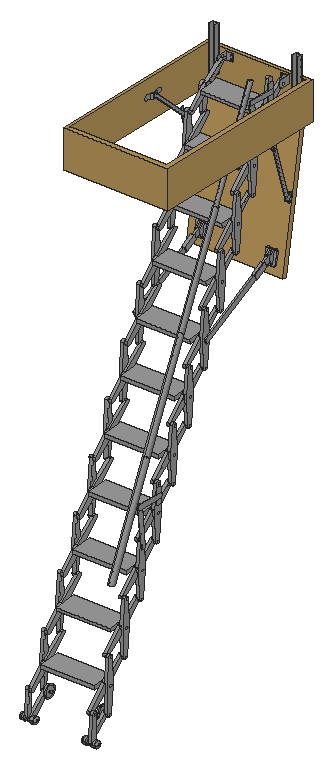
Revit family "schaartrap_Large elec 700x1200 mm", category Generic Models, Revit 2019
Family settings
  Can host rebar = No
  Round Connector Dimension = Use Diameter
  Part Type = Normal
  Work Plane-Based = Yes
  Always vertical = Yes
  Cut with Voids When Loaded = No
  Shared = Yes
  Room Calculation Point = No
Parameters
  schaartrap = gietaluminium
  deksel = hout
  bovenliggende treden = yes
  URL = "https://www.gortergroup.com/nl/producten/ladders-en-trappen/schaartrappen/large.html"
  Model = "Large elec 700x1200mm"  # constant formula
  Default Elevation = 1219.2 mm
Reference planes
  plane 1 "Center (Front/Back)": y = 0
  plane 2: z = 0
  plane 3 "Center (Left/Right)": x = 0
  plane 4: x = 183
  plane 5: x = -183
  plane 6: x = 203
  plane 7: x = 223
  plane 8: x = -203
  plane 9: x = -223
  plane 10: x = -176.5
  plane 11: x = 176.5
  plane 12: z = 3000.001
  plane 13: x = 342.5
  plane 14: x = -342.5
  plane 15: x = 176.5
  plane 16: x = 317.5
  plane 17: x = -317.5
  plane 18: x = 187
  plane 19: z = 3135.001
  plane 20: z = 3165.001
  plane 21: z = 3150.001
  plane 22: y = 1666.757
  plane 23: y = 476.757
  plane 24 "traplijn": through (0, 1385.188, 3125.362) normal (0, -0.9072, 0.4206)
  plane 25 "Center L/S": z = 3250.001
Forms (mm)
  Extrusion 1, solid, material "gietaluminium" <- "schaartrap", not visible
    sketch origin (0, 729.606, 0) x (0, 1, 0) y (0, 0, 1)
      loop
        arc (550.894, 624.877) -> (536.104, 624.358) -> (535.211, 609.585) r 11.002
        line (535.211, 609.585) -> (661.699, 491.815)
        arc (661.699, 491.815) -> (682.05, 493.563) -> (681.917, 513.988) r 15.051
        line (681.917, 513.988) -> (550.894, 624.877)
      loop
        arc (544.549, 753.068) -> (601.811, 706.763) -> (661.548, 663.697) r 1330.136
        arc (661.548, 663.697) -> (675.956, 665.49) -> (676.035, 680.01) r 11
        arc (676.035, 680.01) -> (619.059, 741.548) -> (558.318, 799.374) r 1330.136
        arc (558.318, 799.374) -> (490.797, 855.808) -> (419.689, 907.649) r 1330.136
        arc (419.689, 907.649) -> (405.399, 905.986) -> (404.977, 891.605) r 11
        arc (404.977, 891.605) -> (472.199, 819.754) -> (544.549, 753.068) r 1330.136
      loop
        arc (413.302, 1035.892) -> (470.565, 989.587) -> (530.302, 946.521) r 1330.136
        arc (530.302, 946.521) -> (544.71, 948.315) -> (544.788, 962.834) r 11
        arc (544.788, 962.834) -> (487.812, 1024.372) -> (427.071, 1082.198) r 1330.136
        arc (427.071, 1082.198) -> (359.551, 1138.633) -> (288.442, 1190.474) r 1330.136
        arc (288.442, 1190.474) -> (274.152, 1188.811) -> (273.73, 1174.43) r 11
        arc (273.73, 1174.43) -> (340.952, 1102.578) -> (413.302, 1035.892) r 1330.136
      loop
        arc (282.056, 1318.725) -> (339.318, 1272.419) -> (399.055, 1229.353) r 1330.136
        arc (399.055, 1229.353) -> (413.464, 1231.147) -> (413.542, 1245.666) r 11
        arc (413.542, 1245.666) -> (356.566, 1307.204) -> (295.825, 1365.03) r 1330.136
        arc (295.825, 1365.03) -> (228.305, 1421.465) -> (157.196, 1473.306) r 1330.136
        arc (157.196, 1473.306) -> (142.906, 1471.643) -> (142.484, 1457.262) r 11
        arc (142.484, 1457.262) -> (209.706, 1385.41) -> (282.056, 1318.725) r 1330.136
      loop
        arc (150.811, 1601.564) -> (208.073, 1555.259) -> (267.81, 1512.193) r 1330.136
        arc (267.81, 1512.193) -> (282.218, 1513.987) -> (282.297, 1528.506) r 11
        arc (282.297, 1528.506) -> (225.321, 1590.044) -> (164.58, 1647.87) r 1330.136
        arc (164.58, 1647.87) -> (97.059, 1704.304) -> (25.951, 1756.145) r 1330.136
        arc (25.951, 1756.145) -> (11.661, 1754.482) -> (11.238, 1740.102) r 11
        arc (11.238, 1740.102) -> (78.461, 1668.25) -> (150.811, 1601.564) r 1330.136
      loop
        arc (19.564, 1884.389) -> (76.826, 1838.083) -> (136.563, 1795.017) r 1330.136
        arc (136.563, 1795.017) -> (150.972, 1796.811) -> (151.05, 1811.33) r 11
        arc (151.05, 1811.33) -> (94.074, 1872.869) -> (33.333, 1930.694) r 1330.136
        arc (33.333, 1930.694) -> (-34.188, 1987.129) -> (-105.296, 2038.97) r 1330.136
        arc (-105.296, 2038.97) -> (-119.586, 2037.307) -> (-120.008, 2022.926) r 11
        arc (-120.008, 2022.926) -> (-52.786, 1951.074) -> (19.564, 1884.389) r 1330.136
      loop
        arc (-111.682, 2167.221) -> (-54.42, 2120.915) -> (5.317, 2077.85) r 1330.136
        arc (5.317, 2077.85) -> (19.725, 2079.643) -> (19.804, 2094.162) r 11
        arc (19.804, 2094.162) -> (-37.172, 2155.701) -> (-97.913, 2213.526) r 1330.136
        arc (-97.913, 2213.526) -> (-165.434, 2269.961) -> (-236.542, 2321.802) r 1330.136
        arc (-236.542, 2321.802) -> (-250.832, 2320.139) -> (-251.255, 2305.758) r 11
        arc (-251.255, 2305.758) -> (-184.032, 2233.906) -> (-111.682, 2167.221) r 1330.136
      loop
        arc (-242.928, 2450.053) -> (-185.666, 2403.747) -> (-125.929, 2360.682) r 1330.136
        arc (-125.929, 2360.682) -> (-111.521, 2362.475) -> (-111.442, 2376.994) r 11
        arc (-111.442, 2376.994) -> (-168.418, 2438.533) -> (-229.159, 2496.358) r 1330.136
        arc (-229.159, 2496.358) -> (-296.68, 2552.793) -> (-367.788, 2604.634) r 1330.136
        arc (-367.788, 2604.634) -> (-382.078, 2602.971) -> (-382.501, 2588.59) r 11
        arc (-382.501, 2588.59) -> (-315.278, 2516.738) -> (-242.928, 2450.053) r 1330.136
      loop
        arc (-374.174, 2732.885) -> (-316.912, 2686.579) -> (-257.175, 2643.514) r 1330.136
        arc (-257.175, 2643.514) -> (-242.767, 2645.307) -> (-242.688, 2659.826) r 11
        arc (-242.688, 2659.826) -> (-299.664, 2721.365) -> (-360.405, 2779.19) r 1330.136
        arc (-360.405, 2779.19) -> (-427.926, 2835.625) -> (-499.034, 2887.466) r 1330.136
        arc (-499.034, 2887.466) -> (-513.324, 2885.803) -> (-513.747, 2871.422) r 11
        arc (-513.747, 2871.422) -> (-446.524, 2799.571) -> (-374.174, 2732.885) r 1330.136
      loop
        arc (-505.42, 3015.717) -> (-448.158, 2969.411) -> (-388.421, 2926.346) r 1330.136
        arc (-388.421, 2926.346) -> (-374.013, 2928.139) -> (-373.934, 2942.658) r 11
        arc (-373.934, 2942.658) -> (-430.911, 3004.197) -> (-491.651, 3062.022) r 1330.136
        arc (-491.651, 3062.022) -> (-559.172, 3118.457) -> (-630.28, 3170.298) r 1330.136
        arc (-630.28, 3170.298) -> (-644.571, 3168.635) -> (-644.993, 3154.254) r 11
        arc (-644.993, 3154.254) -> (-577.77, 3082.403) -> (-505.42, 3015.717) r 1330.136
      loop
        arc (-636.666, 3298.549) -> (-579.404, 3252.243) -> (-519.667, 3209.178) r 1330.136
        arc (-519.667, 3209.178) -> (-505.259, 3210.971) -> (-505.181, 3225.49) r 11
        arc (-505.181, 3225.49) -> (-562.157, 3287.029) -> (-622.897, 3344.854) r 1330.136
        arc (-622.897, 3344.854) -> (-690.418, 3401.289) -> (-761.526, 3453.13) r 1330.136
        arc (-761.526, 3453.13) -> (-775.817, 3451.467) -> (-776.239, 3437.086) r 11
        arc (-776.239, 3437.086) -> (-709.016, 3365.235) -> (-636.666, 3298.549) r 1330.136
      loop
        arc (-771.25, 3572.827) -> (-711.901, 3530.426) -> (-650.317, 3491.343) r 1329.855
        arc (-650.317, 3491.343) -> (-636.315, 3493.932) -> (-637.08, 3508.15) r 10.786
        arc (-637.08, 3508.15) -> (-697.654, 3566.262) -> (-761.773, 3620.437) r 1330.167
        line (-761.773, 3620.437) -> (-898.357, 3713.664)
        arc (-898.357, 3713.664) -> (-912.875, 3711.778) -> (-912.66, 3697.139) r 11
        arc (-912.66, 3697.139) -> (-844.159, 3632.476) -> (-771.25, 3572.827) r 1329.46
    from 366 to 386
  Extrusion 2, solid, material "gietaluminium" <- "schaartrap", not visible
    sketch origin (0, 729.606, 0) x (0, 1, 0) y (0, 0, 1)
      loop
        line (686.845, 503.622) -> (678.728, 673.062)
        arc (678.728, 673.062) -> (667.464, 683.791) -> (656.735, 672.527) r 11
        line (656.735, 672.527) -> (656.868, 499.109)
        arc (656.868, 499.109) -> (673.811, 487.901) -> (686.687, 503.614) r 15.158
      loop
        arc (547.356, 957.309) -> (536.218, 966.623) -> (525.546, 956.779) r 11
        arc (525.546, 956.779) -> (518.626, 785.142) -> (533.882, 614.045) r 1330.136
        arc (533.882, 614.045) -> (545.02, 604.73) -> (555.692, 614.575) r 11
        arc (555.692, 614.575) -> (562.613, 786.212) -> (547.356, 957.309) r 1330.136
      loop
        arc (416.109, 1240.133) -> (404.971, 1249.448) -> (394.299, 1239.603) r 11
        arc (394.299, 1239.603) -> (387.379, 1067.966) -> (402.635, 896.869) r 1330.136
        arc (402.635, 896.869) -> (413.773, 887.555) -> (424.445, 897.4) r 11
        arc (424.445, 897.4) -> (431.366, 1069.036) -> (416.109, 1240.133) r 1330.136
      loop
        arc (284.863, 1522.965) -> (273.725, 1532.28) -> (263.053, 1522.435) r 11
        arc (263.053, 1522.435) -> (256.133, 1350.798) -> (271.389, 1179.701) r 1330.136
        arc (271.389, 1179.701) -> (282.527, 1170.387) -> (293.199, 1180.232) r 11
        arc (293.199, 1180.232) -> (300.12, 1351.868) -> (284.863, 1522.965) r 1330.136
      loop
        arc (22.371, 2088.63) -> (11.233, 2097.944) -> (0.561, 2088.099) r 11
        arc (0.561, 2088.099) -> (-6.359, 1916.463) -> (8.897, 1745.365) r 1330.136
        arc (8.897, 1745.365) -> (20.035, 1736.051) -> (30.707, 1745.896) r 11
        arc (30.707, 1745.896) -> (37.628, 1917.532) -> (22.371, 2088.63) r 1330.136
      loop
        arc (153.618, 1805.805) -> (142.48, 1815.12) -> (131.808, 1805.275) r 11
        arc (131.808, 1805.275) -> (124.887, 1633.638) -> (140.144, 1462.541) r 1330.136
        arc (140.144, 1462.541) -> (151.282, 1453.227) -> (161.954, 1463.071) r 11
        arc (161.954, 1463.071) -> (168.874, 1634.708) -> (153.618, 1805.805) r 1330.136
      loop
        arc (-240.122, 2654.286) -> (-251.26, 2663.6) -> (-261.932, 2653.756) r 11
        arc (-261.932, 2653.756) -> (-268.852, 2482.119) -> (-253.596, 2311.022) r 1330.136
        arc (-253.596, 2311.022) -> (-242.458, 2301.707) -> (-231.786, 2311.552) r 11
        arc (-231.786, 2311.552) -> (-224.865, 2483.189) -> (-240.122, 2654.286) r 1330.136
      loop
        arc (-371.368, 2937.118) -> (-382.506, 2946.432) -> (-393.178, 2936.588) r 11
        arc (-393.178, 2936.588) -> (-400.098, 2764.951) -> (-384.842, 2593.854) r 1330.136
        arc (-384.842, 2593.854) -> (-373.704, 2584.539) -> (-363.032, 2594.384) r 11
        arc (-363.032, 2594.384) -> (-356.111, 2766.021) -> (-371.368, 2937.118) r 1330.136
      loop
        arc (-502.614, 3219.95) -> (-513.752, 3229.264) -> (-524.424, 3219.42) r 11
        arc (-524.424, 3219.42) -> (-531.344, 3047.783) -> (-516.088, 2876.686) r 1330.136
        arc (-516.088, 2876.686) -> (-504.95, 2867.372) -> (-494.278, 2877.216) r 11
        arc (-494.278, 2877.216) -> (-487.357, 3048.853) -> (-502.614, 3219.95) r 1330.136
      loop
        arc (-108.875, 2371.462) -> (-120.013, 2380.776) -> (-130.685, 2370.931) r 11
        arc (-130.685, 2370.931) -> (-137.605, 2199.295) -> (-122.349, 2028.197) r 1330.136
        arc (-122.349, 2028.197) -> (-111.211, 2018.883) -> (-100.539, 2028.728) r 11
        arc (-100.539, 2028.728) -> (-93.618, 2200.364) -> (-108.875, 2371.462) r 1330.136
      loop
        arc (-633.86, 3502.782) -> (-644.998, 3512.097) -> (-655.67, 3502.252) r 11
        arc (-655.67, 3502.252) -> (-662.59, 3330.615) -> (-647.334, 3159.518) r 1330.136
        arc (-647.334, 3159.518) -> (-636.196, 3150.204) -> (-625.524, 3160.048) r 11
        arc (-625.524, 3160.048) -> (-618.603, 3331.685) -> (-633.86, 3502.782) r 1330.136
    from 386 to 406
  Extrusion 3, solid, material "gietaluminium" <- "schaartrap", not visible
    sketch origin (0, 729.606, 0) x (0, 1, 0) y (0, 0, 1)
      loop
        circle (667.732, 672.795) r 5.05
      loop
        circle (544.613, 615.679) r 5
      loop
        circle (540.619, 785.677) r 5.05
      loop
        circle (413.507, 898.559) r 5.05
      loop
        circle (536.486, 955.627) r 5.05
      loop
        circle (409.373, 1068.509) r 5.05
      loop
        circle (282.261, 1181.391) r 5.05
      loop
        circle (405.239, 1238.459) r 5.05
      loop
        circle (278.127, 1351.341) r 5.05
      loop
        circle (151.014, 1464.223) r 5.05
      loop
        circle (146.881, 1634.173) r 5.05
      loop
        circle (142.747, 1804.123) r 5.05
      loop
        circle (19.768, 1747.055) r 5.05
      loop
        circle (15.635, 1917.005) r 5.05
      loop
        circle (11.501, 2086.955) r 5.05
      loop
        circle (-111.478, 2029.887) r 5.05
      loop
        circle (-115.611, 2199.837) r 5.05
      loop
        circle (-119.745, 2369.787) r 5.05
      loop
        circle (-242.724, 2312.72) r 5.05
      loop
        circle (-246.857, 2482.669) r 5.05
      loop
        circle (-250.991, 2652.619) r 5.05
      loop
        circle (-373.97, 2595.552) r 5.05
      loop
        circle (-378.103, 2765.501) r 5.05
      loop
        circle (-382.237, 2935.451) r 5.05
      loop
        circle (-505.216, 2878.384) r 5.05
      loop
        circle (-509.349, 3048.333) r 5.05
      loop
        circle (-513.483, 3218.283) r 5.05
      loop
        circle (-636.462, 3161.216) r 5.05
      loop
        circle (-640.596, 3331.165) r 5.05
      loop
        circle (-644.729, 3501.115) r 5.05
    from 406 to 411
  Extrusion 4, solid, material "gietaluminium" <- "schaartrap"
    sketch origin (0, 1421.409, -482.845) x (0, -1, 0) y (0, 0, -1)
      loop
        line (1339.959, -796.561) -> (1337.84, -772.662) -> (1201.376, -784.762) -> (1203.495, -808.66) -> (1339.959, -796.561)
      loop
        line (1208.712, -1079.385) -> (1206.594, -1055.487) -> (1070.129, -1067.586) -> (1072.248, -1091.484) -> (1208.712, -1079.385)
      loop
        line (946.221, -1645.057) -> (944.102, -1621.159) -> (807.637, -1633.258) -> (809.756, -1657.156) -> (946.221, -1645.057)
      loop
        line (1077.466, -1362.217) -> (1075.347, -1338.319) -> (938.883, -1350.418) -> (941.002, -1374.317) -> (1077.466, -1362.217)
      loop
        line (814.974, -1927.881) -> (812.855, -1903.983) -> (676.391, -1916.082) -> (678.51, -1939.981) -> (814.974, -1927.881)
      loop
        line (683.728, -2210.713) -> (681.609, -2186.815) -> (545.145, -2198.914) -> (547.263, -2222.813) -> (683.728, -2210.713)
      loop
        line (552.482, -2493.546) -> (550.363, -2469.647) -> (413.898, -2481.746) -> (416.017, -2505.645) -> (552.482, -2493.546)
      loop
        line (421.236, -2776.378) -> (419.117, -2752.479) -> (282.652, -2764.578) -> (284.771, -2788.477) -> (421.236, -2776.378)
      loop
        line (289.99, -3059.21) -> (287.871, -3035.311) -> (151.406, -3047.41) -> (153.525, -3071.309) -> (289.99, -3059.21)
      loop
        line (158.744, -3342.042) -> (156.625, -3318.143) -> (20.16, -3330.242) -> (22.279, -3354.141) -> (158.744, -3342.042)
      loop
        line (27.498, -3607.374) -> (25.379, -3583.475) -> (-111.086, -3595.574) -> (-108.967, -3619.473) -> (27.498, -3607.374)
    from -176.5 to 176.5
  Extrusion 5, solid, material "gietaluminium" <- "schaartrap", not visible
    sketch origin (-7, 2496.627, 468.641) x (0, 1, 0) y (0, 0, 1)
      loop
        arc (-1198.101, 115.163) -> (-1183.936, 158.467) -> (-1219.504, 186.941) r 40
        arc (-1219.504, 186.941) -> (-1260.6, 135.606) -> (-1198.101, 115.163) r 40
      loop
        arc (-1200.948, 116.796) -> (-1186.85, 157.739) -> (-1221.263, 184.023) r 37
        arc (-1221.263, 184.023) -> (-1257.686, 136.334) -> (-1200.948, 116.796) r 37
    from 359 to 370
  Extrusion 6, solid, material "gietaluminium" <- "schaartrap", not visible
    sketch origin (183, 2496.627, 468.641) x (0, 1, 0) y (0, 0, 1)
      loop
        arc (-1221.263, 184.023) -> (-1257.686, 136.334) -> (-1200.948, 116.796) r 37
        arc (-1200.948, 116.796) -> (-1186.85, 157.739) -> (-1221.263, 184.023) r 37
    from 173 to 176.5
  Extrusion 7, solid, material "gietaluminium" <- "schaartrap", not visible
    sketch origin (701, 2496.627, 468.641) x (0, 1, 0) y (0, 0, -1)
      loop
        circle (-1222.268, -147.037) r 5
    from 359 to 335
  Extrusion 8, solid, material "gietaluminium" <- "schaartrap"
    sketch origin (183, 691.803, -482.845) x (0, -1, 0) y (0, 0, 1)
      loop
        arc (550.894, 624.877) -> (536.104, 624.358) -> (535.211, 609.585) r 11.002
        line (535.211, 609.585) -> (661.699, 491.815)
        arc (661.699, 491.815) -> (682.05, 493.563) -> (681.917, 513.988) r 15.051
        line (681.917, 513.988) -> (550.894, 624.877)
      loop
        arc (544.549, 753.068) -> (601.811, 706.763) -> (661.548, 663.697) r 1330.136
        arc (661.548, 663.697) -> (675.956, 665.49) -> (676.035, 680.01) r 11
        arc (676.035, 680.01) -> (619.059, 741.548) -> (558.318, 799.374) r 1330.136
        arc (558.318, 799.374) -> (490.797, 855.808) -> (419.689, 907.649) r 1330.136
        arc (419.689, 907.649) -> (405.399, 905.986) -> (404.977, 891.605) r 11
        arc (404.977, 891.605) -> (472.199, 819.754) -> (544.549, 753.068) r 1330.136
      loop
        arc (413.302, 1035.892) -> (470.565, 989.587) -> (530.302, 946.521) r 1330.136
        arc (530.302, 946.521) -> (544.71, 948.315) -> (544.788, 962.834) r 11
        arc (544.788, 962.834) -> (487.812, 1024.372) -> (427.071, 1082.198) r 1330.136
        arc (427.071, 1082.198) -> (359.551, 1138.633) -> (288.442, 1190.474) r 1330.136
        arc (288.442, 1190.474) -> (274.152, 1188.811) -> (273.73, 1174.43) r 11
        arc (273.73, 1174.43) -> (340.952, 1102.578) -> (413.302, 1035.892) r 1330.136
      loop
        arc (282.056, 1318.725) -> (339.318, 1272.419) -> (399.055, 1229.353) r 1330.136
        arc (399.055, 1229.353) -> (413.464, 1231.147) -> (413.542, 1245.666) r 11
        arc (413.542, 1245.666) -> (356.566, 1307.204) -> (295.825, 1365.03) r 1330.136
        arc (295.825, 1365.03) -> (228.305, 1421.465) -> (157.196, 1473.306) r 1330.136
        arc (157.196, 1473.306) -> (142.906, 1471.643) -> (142.484, 1457.262) r 11
        arc (142.484, 1457.262) -> (209.706, 1385.41) -> (282.056, 1318.725) r 1330.136
      loop
        arc (150.811, 1601.564) -> (208.073, 1555.259) -> (267.81, 1512.193) r 1330.136
        arc (267.81, 1512.193) -> (282.218, 1513.987) -> (282.297, 1528.506) r 11
        arc (282.297, 1528.506) -> (225.321, 1590.044) -> (164.58, 1647.87) r 1330.136
        arc (164.58, 1647.87) -> (97.059, 1704.304) -> (25.951, 1756.145) r 1330.136
        arc (25.951, 1756.145) -> (11.661, 1754.482) -> (11.238, 1740.102) r 11
        arc (11.238, 1740.102) -> (78.461, 1668.25) -> (150.811, 1601.564) r 1330.136
      loop
        arc (19.564, 1884.389) -> (76.826, 1838.083) -> (136.563, 1795.017) r 1330.136
        arc (136.563, 1795.017) -> (150.972, 1796.811) -> (151.05, 1811.33) r 11
        arc (151.05, 1811.33) -> (94.074, 1872.869) -> (33.333, 1930.694) r 1330.136
        arc (33.333, 1930.694) -> (-34.188, 1987.129) -> (-105.296, 2038.97) r 1330.136
        arc (-105.296, 2038.97) -> (-119.586, 2037.307) -> (-120.008, 2022.926) r 11
        arc (-120.008, 2022.926) -> (-52.786, 1951.074) -> (19.564, 1884.389) r 1330.136
      loop
        arc (-111.682, 2167.221) -> (-54.42, 2120.915) -> (5.317, 2077.85) r 1330.136
        arc (5.317, 2077.85) -> (19.725, 2079.643) -> (19.804, 2094.162) r 11
        arc (19.804, 2094.162) -> (-37.172, 2155.701) -> (-97.913, 2213.526) r 1330.136
        arc (-97.913, 2213.526) -> (-165.434, 2269.961) -> (-236.542, 2321.802) r 1330.136
        arc (-236.542, 2321.802) -> (-250.832, 2320.139) -> (-251.255, 2305.758) r 11
        arc (-251.255, 2305.758) -> (-184.032, 2233.906) -> (-111.682, 2167.221) r 1330.136
      loop
        arc (-242.928, 2450.053) -> (-185.666, 2403.747) -> (-125.929, 2360.682) r 1330.136
        arc (-125.929, 2360.682) -> (-111.521, 2362.475) -> (-111.442, 2376.994) r 11
        arc (-111.442, 2376.994) -> (-168.418, 2438.533) -> (-229.159, 2496.358) r 1330.136
        arc (-229.159, 2496.358) -> (-296.68, 2552.793) -> (-367.788, 2604.634) r 1330.136
        arc (-367.788, 2604.634) -> (-382.078, 2602.971) -> (-382.501, 2588.59) r 11
        arc (-382.501, 2588.59) -> (-315.278, 2516.738) -> (-242.928, 2450.053) r 1330.136
      loop
        arc (-374.174, 2732.885) -> (-316.912, 2686.579) -> (-257.175, 2643.514) r 1330.136
        arc (-257.175, 2643.514) -> (-242.767, 2645.307) -> (-242.688, 2659.826) r 11
        arc (-242.688, 2659.826) -> (-299.664, 2721.365) -> (-360.405, 2779.19) r 1330.136
        arc (-360.405, 2779.19) -> (-427.926, 2835.625) -> (-499.034, 2887.466) r 1330.136
        arc (-499.034, 2887.466) -> (-513.324, 2885.803) -> (-513.747, 2871.422) r 11
        arc (-513.747, 2871.422) -> (-446.524, 2799.571) -> (-374.174, 2732.885) r 1330.136
      loop
        arc (-505.42, 3015.717) -> (-448.158, 2969.411) -> (-388.421, 2926.346) r 1330.136
        arc (-388.421, 2926.346) -> (-374.013, 2928.139) -> (-373.934, 2942.658) r 11
        arc (-373.934, 2942.658) -> (-430.911, 3004.197) -> (-491.651, 3062.022) r 1330.136
        arc (-491.651, 3062.022) -> (-559.172, 3118.457) -> (-630.28, 3170.298) r 1330.136
        arc (-630.28, 3170.298) -> (-644.571, 3168.635) -> (-644.993, 3154.254) r 11
        arc (-644.993, 3154.254) -> (-577.77, 3082.403) -> (-505.42, 3015.717) r 1330.136
      loop
        arc (-636.666, 3298.549) -> (-579.404, 3252.243) -> (-519.667, 3209.178) r 1330.136
        arc (-519.667, 3209.178) -> (-505.259, 3210.971) -> (-505.181, 3225.49) r 11
        arc (-505.181, 3225.49) -> (-562.157, 3287.029) -> (-622.897, 3344.854) r 1330.136
        arc (-622.897, 3344.854) -> (-690.418, 3401.289) -> (-761.526, 3453.13) r 1330.136
        arc (-761.526, 3453.13) -> (-775.817, 3451.467) -> (-776.239, 3437.086) r 11
        arc (-776.239, 3437.086) -> (-709.016, 3365.235) -> (-636.666, 3298.549) r 1330.136
      loop
        arc (-771.25, 3572.827) -> (-711.901, 3530.426) -> (-650.317, 3491.343) r 1329.855
        arc (-650.317, 3491.343) -> (-636.315, 3493.932) -> (-637.08, 3508.15) r 10.786
        arc (-637.08, 3508.15) -> (-697.654, 3566.262) -> (-761.773, 3620.437) r 1330.167
        line (-761.773, 3620.437) -> (-898.357, 3713.664)
        arc (-898.357, 3713.664) -> (-912.875, 3711.778) -> (-912.66, 3697.139) r 11
        arc (-912.66, 3697.139) -> (-844.159, 3632.476) -> (-771.25, 3572.827) r 1329.46
    from 366 to 386
  Extrusion 9, solid, material "gietaluminium" <- "schaartrap"
    sketch origin (183, 691.803, -482.845) x (0, -1, 0) y (0, 0, 1)
      loop
        line (686.845, 503.622) -> (678.728, 673.062)
        arc (678.728, 673.062) -> (667.464, 683.791) -> (656.735, 672.527) r 11
        line (656.735, 672.527) -> (656.868, 499.109)
        arc (656.868, 499.109) -> (673.811, 487.901) -> (686.687, 503.614) r 15.158
      loop
        arc (547.356, 957.309) -> (536.218, 966.623) -> (525.546, 956.779) r 11
        arc (525.546, 956.779) -> (518.626, 785.142) -> (533.882, 614.045) r 1330.136
        arc (533.882, 614.045) -> (545.02, 604.73) -> (555.692, 614.575) r 11
        arc (555.692, 614.575) -> (562.613, 786.212) -> (547.356, 957.309) r 1330.136
      loop
        arc (416.109, 1240.133) -> (404.971, 1249.448) -> (394.299, 1239.603) r 11
        arc (394.299, 1239.603) -> (387.379, 1067.966) -> (402.635, 896.869) r 1330.136
        arc (402.635, 896.869) -> (413.773, 887.555) -> (424.445, 897.4) r 11
        arc (424.445, 897.4) -> (431.366, 1069.036) -> (416.109, 1240.133) r 1330.136
      loop
        arc (284.863, 1522.965) -> (273.725, 1532.28) -> (263.053, 1522.435) r 11
        arc (263.053, 1522.435) -> (256.133, 1350.798) -> (271.389, 1179.701) r 1330.136
        arc (271.389, 1179.701) -> (282.527, 1170.387) -> (293.199, 1180.232) r 11
        arc (293.199, 1180.232) -> (300.12, 1351.868) -> (284.863, 1522.965) r 1330.136
      loop
        arc (22.371, 2088.63) -> (11.233, 2097.944) -> (0.561, 2088.099) r 11
        arc (0.561, 2088.099) -> (-6.359, 1916.463) -> (8.897, 1745.365) r 1330.136
        arc (8.897, 1745.365) -> (20.035, 1736.051) -> (30.707, 1745.896) r 11
        arc (30.707, 1745.896) -> (37.628, 1917.532) -> (22.371, 2088.63) r 1330.136
      loop
        arc (153.618, 1805.805) -> (142.48, 1815.12) -> (131.808, 1805.275) r 11
        arc (131.808, 1805.275) -> (124.887, 1633.638) -> (140.144, 1462.541) r 1330.136
        arc (140.144, 1462.541) -> (151.282, 1453.227) -> (161.954, 1463.071) r 11
        arc (161.954, 1463.071) -> (168.874, 1634.708) -> (153.618, 1805.805) r 1330.136
      loop
        arc (-240.122, 2654.286) -> (-251.26, 2663.6) -> (-261.932, 2653.756) r 11
        arc (-261.932, 2653.756) -> (-268.852, 2482.119) -> (-253.596, 2311.022) r 1330.136
        arc (-253.596, 2311.022) -> (-242.458, 2301.707) -> (-231.786, 2311.552) r 11
        arc (-231.786, 2311.552) -> (-224.865, 2483.189) -> (-240.122, 2654.286) r 1330.136
      loop
        arc (-371.368, 2937.118) -> (-382.506, 2946.432) -> (-393.178, 2936.588) r 11
        arc (-393.178, 2936.588) -> (-400.098, 2764.951) -> (-384.842, 2593.854) r 1330.136
        arc (-384.842, 2593.854) -> (-373.704, 2584.539) -> (-363.032, 2594.384) r 11
        arc (-363.032, 2594.384) -> (-356.111, 2766.021) -> (-371.368, 2937.118) r 1330.136
      loop
        arc (-502.614, 3219.95) -> (-513.752, 3229.264) -> (-524.424, 3219.42) r 11
        arc (-524.424, 3219.42) -> (-531.344, 3047.783) -> (-516.088, 2876.686) r 1330.136
        arc (-516.088, 2876.686) -> (-504.95, 2867.372) -> (-494.278, 2877.216) r 11
        arc (-494.278, 2877.216) -> (-487.357, 3048.853) -> (-502.614, 3219.95) r 1330.136
      loop
        arc (-108.875, 2371.462) -> (-120.013, 2380.776) -> (-130.685, 2370.931) r 11
        arc (-130.685, 2370.931) -> (-137.605, 2199.295) -> (-122.349, 2028.197) r 1330.136
        arc (-122.349, 2028.197) -> (-111.211, 2018.883) -> (-100.539, 2028.728) r 11
        arc (-100.539, 2028.728) -> (-93.618, 2200.364) -> (-108.875, 2371.462) r 1330.136
      loop
        arc (-633.86, 3502.782) -> (-644.998, 3512.097) -> (-655.67, 3502.252) r 11
        arc (-655.67, 3502.252) -> (-662.59, 3330.615) -> (-647.334, 3159.518) r 1330.136
        arc (-647.334, 3159.518) -> (-636.196, 3150.204) -> (-625.524, 3160.048) r 11
        arc (-625.524, 3160.048) -> (-618.603, 3331.685) -> (-633.86, 3502.782) r 1330.136
    from 386 to 406
  Extrusion 10, solid, material "gietaluminium" <- "schaartrap"
    sketch origin (183, 691.803, -482.845) x (0, -1, 0) y (0, 0, 1)
      loop
        circle (667.732, 672.795) r 5.05
      loop
        circle (544.613, 615.679) r 5
      loop
        circle (540.619, 785.677) r 5.05
      loop
        circle (413.507, 898.559) r 5.05
      loop
        circle (536.486, 955.627) r 5.05
      loop
        circle (409.373, 1068.509) r 5.05
      loop
        circle (282.261, 1181.391) r 5.05
      loop
        circle (405.239, 1238.459) r 5.05
      loop
        circle (278.127, 1351.341) r 5.05
      loop
        circle (151.014, 1464.223) r 5.05
      loop
        circle (146.881, 1634.173) r 5.05
      loop
        circle (142.747, 1804.123) r 5.05
      loop
        circle (19.768, 1747.055) r 5.05
      loop
        circle (15.635, 1917.005) r 5.05
      loop
        circle (11.501, 2086.955) r 5.05
      loop
        circle (-111.478, 2029.887) r 5.05
      loop
        circle (-115.611, 2199.837) r 5.05
      loop
        circle (-119.745, 2369.787) r 5.05
      loop
        circle (-242.724, 2312.72) r 5.05
      loop
        circle (-246.857, 2482.669) r 5.05
      loop
        circle (-250.991, 2652.619) r 5.05
      loop
        circle (-373.97, 2595.552) r 5.05
      loop
        circle (-378.103, 2765.501) r 5.05
      loop
        circle (-382.237, 2935.451) r 5.05
      loop
        circle (-505.216, 2878.384) r 5.05
      loop
        circle (-509.349, 3048.333) r 5.05
      loop
        circle (-513.483, 3218.283) r 5.05
      loop
        circle (-636.462, 3161.216) r 5.05
      loop
        circle (-640.596, 3331.165) r 5.05
      loop
        circle (-644.729, 3501.115) r 5.05
    from 406 to 411
  Extrusion 11, solid, material "gietaluminium" <- "schaartrap"
    sketch origin (190, -1075.218, -14.204) x (0, -1, 0) y (0, 0, 1)
      loop
        arc (-1198.101, 115.163) -> (-1183.936, 158.467) -> (-1219.504, 186.941) r 40
        arc (-1219.504, 186.941) -> (-1260.6, 135.606) -> (-1198.101, 115.163) r 40
      loop
        arc (-1200.948, 116.796) -> (-1186.85, 157.739) -> (-1221.263, 184.023) r 37
        arc (-1221.263, 184.023) -> (-1257.686, 136.334) -> (-1200.948, 116.796) r 37
    from 359 to 370
  Extrusion 12, solid, material "gietaluminium" <- "schaartrap"
    sketch origin (0, -1075.218, -14.204) x (0, -1, 0) y (0, 0, 1)
      loop
        arc (-1221.263, 184.023) -> (-1257.686, 136.334) -> (-1200.948, 116.796) r 37
        arc (-1200.948, 116.796) -> (-1186.85, 157.739) -> (-1221.263, 184.023) r 37
    from 173 to 176.5
  Extrusion 13, solid, material "gietaluminium" <- "schaartrap"
    sketch origin (-518, -1075.218, -14.204) x (0, -1, 0) y (0, 0, -1)
      loop
        circle (-1222.268, -147.037) r 5
    from 359 to 335
  Extrusion 14, solid, material "hout" <- "deksel"
    sketch origin (0, 566.635, 0) x (0, 1, 0) y (0, 0, 1)
      loop
        line (1057.928, 2991.895) -> (1034.293, 2996.062) -> (887.386, 2162.915) -> (911.022, 2158.748) -> (1057.928, 2991.895)
    from -317.5 to 317.5
  Sweep 15, solid, material "hout" <- "deksel"
    path origin (0, 566.635, 3320.001) x (0, 1, 0) y (-1, 0, 0)
      loop
        line (1100.122, 342.5) -> (-89.878, 342.5) -> (-89.878, -342.5) -> (1100.122, -342.5) -> (1100.122, 342.5)
    profile origin (0, 1666.757, 3320.001) x (0, 1, 0) y (0, 0, 1)
      loop
        line (0, -70) -> (-24, -70) -> (-24, -320) -> (0, -320) -> (0, -70)
  Sweep 16, solid, material "gietaluminium" <- "schaartrap"
    path origin (216.86, -45.119, -481.845) x (0, 0.998572, -0.053426) y (0, 0.053426, 0.998572)
      loop
        line (138.969, 1377.523) -> (396.642, 2020.838)
    profile origin (216.86, 313.084, 1200.601) x (0, -0.907114, 0.420886) y (1, 0, 0)
      loop
        circle (0, 0) r 20
  Sweep 17, solid, material "gietaluminium" <- "schaartrap"
    path origin (216.86, 203.624, 54.259) x (0, 0.998572, -0.053426) y (0, 0.053426, 0.998572)
      loop
        line (176.895, 1472.21) -> (425.701, 2093.387)
    profile origin (216.86, 599.739, 1818.415) x (0, -0.907114, 0.420886) y (1, 0, 0)
      loop
        circle (0, 0) r 17.5
  Sweep 18, solid, material "gietaluminium" <- "schaartrap"
    path origin (216.86, 416.228, 512.473) x (0, 0.998572, -0.053426) y (0, 0.053426, 0.998572)
      loop
        line (237.881, 1624.47) -> (491.137, 2256.757)
    profile origin (216.86, 883.895, 2430.841) x (0, -0.907114, 0.420886) y (1, 0, 0)
      loop
        circle (0, 0) r 15
  Sweep 19, solid, material "gietaluminium" <- "schaartrap"
    path origin (216.86, 627.964, 968.817) x (0, 0.998572, -0.053426) y (0, 0.053426, 0.998572)
      loop
        line (304.083, 1789.753) -> (557.416, 2422.233)
    profile origin (216.86, 1170.613, 3048.789) x (0, -0.907114, 0.420886) y (1, 0, 0)
      loop
        circle (0, 0) r 12.5
  Extrusion 20, solid, material "gietaluminium" <- "schaartrap"
    sketch origin (0, -105.706, -268.493) x (0, 0.98948, -0.144668) y (0, 0.144668, 0.98948)
      loop
        line (257, 1578.327) -> (319.569, 1325.967)
        arc (319.569, 1325.967) -> (335.331, 1324.724) -> (348.687, 1333.187) r 25
        line (348.687, 1333.187) -> (286.119, 1585.546)
        arc (286.119, 1585.546) -> (270.356, 1586.789) -> (257, 1578.327) r 25
    from 228 to 223
  Extrusion 21, solid, material "gietaluminium" <- "schaartrap"
    sketch origin (0, -105.709, -268.464) x (0, 0.98948, -0.144669) y (0, 0.144669, 0.98948)
      loop
        line (435.226, 1611.925) -> (260.054, 1590.65)
        arc (260.054, 1590.65) -> (257.872, 1575.275) -> (263.671, 1560.869) r 30
        line (263.671, 1560.869) -> (438.843, 1582.144)
        arc (438.843, 1582.144) -> (441.025, 1597.519) -> (435.226, 1611.925) r 30
    from 228 to 233
  Extrusion 22, solid, material "gietaluminium" <- "schaartrap"
    sketch origin (0, -105.709, -268.464) x (0, 0.98948, -0.144669) y (0, 0.144669, 0.98948)
      loop
        arc (417.587, 1545.835) -> (432.962, 1543.654) -> (447.368, 1549.452) r 30
        line (447.368, 1549.452) -> (435.678, 1645.707)
        arc (435.678, 1645.707) -> (420.302, 1647.888) -> (405.896, 1642.09) r 30
        line (405.896, 1642.09) -> (417.587, 1545.835)
    from 223 to 228
  Sweep 23, solid, material "gietaluminium" <- "schaartrap", not visible
    path origin (216.86, 0, 0) x (0, 1, 0) y (0, 0, 1)
      loop
        line (138.969, 1377.523) -> (396.642, 2020.838)
    profile origin (216.86, 267.806, 1699.18) x (0, -0.928304, 0.371822) y (1, 0, 0)
      loop
        circle (0, 0) r 20
  Sweep 24, solid, material "gietaluminium" <- "schaartrap", not visible
    path origin (216.86, 219.747, 548.628) x (0, 1, 0) y (0, 0, 1)
      loop
        line (176.895, 1472.21) -> (425.701, 2093.387)
    profile origin (216.86, 521.045, 2331.426) x (0, -0.928304, 0.371822) y (1, 0, 0)
      loop
        circle (0, 0) r 17.5
  Sweep 25, solid, material "gietaluminium" <- "schaartrap", not visible
    path origin (216.86, 407.566, 1017.546) x (0, 1, 0) y (0, 0, 1)
      loop
        line (237.881, 1624.47) -> (491.137, 2256.757)
    profile origin (216.86, 772.075, 2958.159) x (0, -0.928304, 0.371822) y (1, 0, 0)
      loop
        circle (0, 0) r 15
  Sweep 26, solid, material "gietaluminium" <- "schaartrap", not visible
    path origin (216.86, 594.62, 1484.55) x (0, 1, 0) y (0, 0, 1)
      loop
        line (304.083, 1789.753) -> (557.416, 2422.233)
    profile origin (216.86, 1025.369, 3590.543) x (0, -0.928304, 0.371822) y (1, 0, 0)
      loop
        circle (0, 0) r 12.5
  Extrusion 27, solid, material "gietaluminium" <- "schaartrap", not visible
    sketch origin (0, -71.899, 209.81) x (0, 0.995796, -0.091598) y (0, 0.091598, 0.995796)
      loop
        line (257, 1578.327) -> (319.569, 1325.967)
        arc (319.569, 1325.967) -> (335.331, 1324.724) -> (348.687, 1333.187) r 25
        line (348.687, 1333.187) -> (286.119, 1585.546)
        arc (286.119, 1585.546) -> (270.356, 1586.789) -> (257, 1578.327) r 25
    from 228 to 223
  Extrusion 28, solid, material "gietaluminium" <- "schaartrap", not visible
    sketch origin (0, -71.903, 209.839) x (0, 0.995796, -0.091598) y (0, 0.091598, 0.995796)
      loop
        line (435.226, 1611.925) -> (260.054, 1590.65)
        arc (260.054, 1590.65) -> (257.872, 1575.275) -> (263.671, 1560.869) r 30
        line (263.671, 1560.869) -> (438.843, 1582.144)
        arc (438.843, 1582.144) -> (441.025, 1597.519) -> (435.226, 1611.925) r 30
    from 228 to 233
  Extrusion 29, solid, material "gietaluminium" <- "schaartrap", not visible
    sketch origin (0, -71.903, 209.839) x (0, 0.995796, -0.091598) y (0, 0.091598, 0.995796)
      loop
        arc (417.587, 1545.835) -> (432.962, 1543.654) -> (447.368, 1549.452) r 30
        line (447.368, 1549.452) -> (435.678, 1645.707)
        arc (435.678, 1645.707) -> (420.302, 1647.888) -> (405.896, 1642.09) r 30
        line (405.896, 1642.09) -> (417.587, 1545.835)
    from 223 to 228
  Extrusion 30, solid, material "gietaluminium" <- "schaartrap"
    sketch origin (0, 35.69, -307.68) x (0, 0.998572, -0.053426) y (0, 0.053426, 0.998572)
      loop
        line (280.038, 1590.328) -> (244.48, 1604.57) -> (233.326, 1576.721) -> (269.458, 1562.249)
        arc (269.458, 1562.249) -> (279.429, 1574.524) -> (280.038, 1590.328) r 25
    from 218 to 223
  Extrusion 31, solid, material "gietaluminium" <- "schaartrap", not visible
    sketch origin (0, 71.389, 178.233) x (0, 1, 0) y (0, 0, 1)
      loop
        line (280.038, 1590.328) -> (244.48, 1604.57) -> (233.326, 1576.721) -> (269.458, 1562.249)
        arc (269.458, 1562.249) -> (279.429, 1574.524) -> (280.038, 1590.328) r 25
    from 218 to 223
  Extrusion 32, solid, material "gietaluminium" <- "schaartrap"
    sketch origin (0, 1459.943, 2196.499) x (0, 0.173648, 0.984808) y (-1, 0, 0)
      loop
        arc (108.842, -205) -> (105.913, -197.929) -> (98.842, -195) r 10
        line (98.842, -195) -> (25.004, -195)
        arc (25.004, -195) -> (17.933, -197.929) -> (15.004, -205) r 10
        line (15.004, -205) -> (15.004, -256)
        arc (15.004, -256) -> (17.933, -263.071) -> (25.004, -266) r 10
        line (25.004, -266) -> (98.842, -266)
        arc (98.842, -266) -> (105.913, -263.071) -> (108.842, -256) r 10
        line (108.842, -256) -> (108.842, -205)
    from 0 to 8
  Extrusion 33, solid, material "gietaluminium" <- "schaartrap", not visible
    sketch origin (183, 2818.661, 1072.766) x (0, 0.911966, 0.410266) y (0, -0.410266, 0.911966)
      loop
        line (-1925.718, 2685.563) -> (-1554.136, 2223.041) -> (-1530.748, 2241.83) -> (-1902.33, 2704.352) -> (-1925.718, 2685.563)
      loop
        circle (-1551.837, 2244.129) r 5.25
      loop
        circle (-1564.363, 2259.721) r 5.25
      loop
        circle (-1576.889, 2275.313) r 5.25
    from 223 to 238
  Extrusion 34, solid, material "gietaluminium" <- "schaartrap", not visible
    sketch origin (183, 2902.726, 1161.446) x (0, 0.911966, 0.410266) y (0, -0.410266, 0.911966)
      loop
        line (-2007.022, 2595.674) -> (-1950.655, 2525.512) -> (-1923.369, 2547.433) -> (-1979.737, 2617.595) -> (-2007.022, 2595.674)
    from 220 to 241
  Extrusion 35, solid, material "gietaluminium" <- "schaartrap", not visible
    sketch origin (183, 1982.15, 516.274) x (0, 1, 0) y (0, 0, 1)
      loop
        line (-2031.039, 2267.866) -> (-2016.05, 2182.859) -> (-1998.143, 2221.083)
        arc (-1998.143, 2221.083) -> (-1996.798, 2228.913) -> (-1999.642, 2236.332) r 15
        line (-1999.642, 2236.332) -> (-2001.139, 2238.071) -> (-2031.039, 2267.866)
      loop
        circle (-2011.726, 2227.446) r 4
    from 238 to 246
  Extrusion 36, solid, material "gietaluminium" <- "schaartrap", not visible
    sketch origin (160, 1993.939, 516.274) x (0, 1, 0) y (0, 0, 1)
      loop
        line (-2042.827, 2267.866) -> (-2027.838, 2182.859) -> (-2009.932, 2221.083)
        arc (-2009.932, 2221.083) -> (-2008.587, 2228.913) -> (-2011.43, 2236.332) r 15
        line (-2011.43, 2236.332) -> (-2012.927, 2238.071) -> (-2042.827, 2267.866)
      loop
        circle (-2023.515, 2227.446) r 4
    from 238 to 246
  Extrusion 37, solid, material "gietaluminium" <- "schaartrap"
    sketch origin (0, -1397.252, 589.921) x (0, -0.911966, 0.410266) y (0, 0.410266, 0.911966)
      loop
        line (-1925.718, 2685.563) -> (-1554.136, 2223.041) -> (-1530.748, 2241.83) -> (-1902.33, 2704.352) -> (-1925.718, 2685.563)
      loop
        circle (-1551.837, 2244.129) r 5.25
      loop
        circle (-1564.363, 2259.721) r 5.25
      loop
        circle (-1576.889, 2275.313) r 5.25
    from 223 to 238
  Extrusion 38, solid, material "gietaluminium" <- "schaartrap"
    sketch origin (0, -1481.317, 678.602) x (0, -0.911966, 0.410266) y (0, 0.410266, 0.911966)
      loop
        line (-2007.022, 2595.674) -> (-1950.655, 2525.512) -> (-1923.369, 2547.433) -> (-1979.737, 2617.595) -> (-2007.022, 2595.674)
    from 220 to 241
  Extrusion 39, solid, material "gietaluminium" <- "schaartrap"
    sketch origin (0, -560.741, 33.429) x (0, -1, 0) y (0, 0, 1)
      loop
        line (-2031.039, 2267.866) -> (-2016.05, 2182.859) -> (-1998.143, 2221.083)
        arc (-1998.143, 2221.083) -> (-1996.798, 2228.913) -> (-1999.642, 2236.332) r 15
        line (-1999.642, 2236.332) -> (-2001.139, 2238.071) -> (-2031.039, 2267.866)
      loop
        circle (-2011.726, 2227.446) r 4
    from 238 to 246
  Extrusion 40, solid, material "gietaluminium" <- "schaartrap"
    sketch origin (23, -572.53, 33.429) x (0, -1, 0) y (0, 0, 1)
      loop
        line (-2042.827, 2267.866) -> (-2027.838, 2182.859) -> (-2009.932, 2221.083)
        arc (-2009.932, 2221.083) -> (-2008.587, 2228.913) -> (-2011.43, 2236.332) r 15
        line (-2011.43, 2236.332) -> (-2012.927, 2238.071) -> (-2042.827, 2267.866)
      loop
        circle (-2023.515, 2227.446) r 4
    from 238 to 246
  Extrusion 41, solid, material "gietaluminium" <- "schaartrap"
    sketch origin (0, 1459.943, 2196.499) x (0, 0.173648, 0.984808) y (-1, 0, 0)
      loop
        line (108.842, 205) -> (108.842, 256)
        arc (108.842, 256) -> (105.913, 263.071) -> (98.842, 266) r 10
        line (98.842, 266) -> (25.004, 266)
        arc (25.004, 266) -> (17.933, 263.071) -> (15.004, 256) r 10
        line (15.004, 256) -> (15.004, 205)
        arc (15.004, 205) -> (17.933, 197.929) -> (25.004, 195) r 10
        line (25.004, 195) -> (98.842, 195)
        arc (98.842, 195) -> (105.913, 197.929) -> (108.842, 205) r 10
    from 0 to 8
  Extrusion 42, solid, material "gietaluminium" <- "schaartrap"
    sketch origin (0, -555.226, 0) x (1, 0, 0) y (0, 1, 0)
      loop
        line (-318.5, 1781.233) -> (-318.5, 1757.57) -> (-302.5, 1746.367) -> (-302.5, 1717.598) -> (-318.5, 1706.395) -> (-318.5, 1682.733) -> (-315.5, 1682.733) -> (-315.5, 1704.833) -> (-299.5, 1716.037) -> (-299.5, 1747.929) -> (-315.5, 1759.132) -> (-315.5, 1781.233) -> (-318.5, 1781.233)
    from 3135.001 to 3165.001
  Extrusion 43, void
    sketch origin (0, 578.044, 0) x (0, 1, 0) y (0, 0, 1)
      loop
        circle (557.712, 3150.001) r 3.25
      loop
        circle (639.712, 3150.001) r 3.25
    from -342.5 to 342.5
  Extrusion 44, solid, material "gietaluminium" <- "schaartrap"
    sketch origin (-9.5, -568.39, 63.512) x (0, 0.999989, -0.004751) y (0, 0.004751, 0.999989)
      loop
        line (2051.771, 2558.45) -> (2069.739, 2568.057) -> (1959.068, 2927.306) -> (1939.955, 2921.418) -> (2051.771, 2558.45)
    from -294 to -290
  Extrusion 45, solid, material "gietaluminium" <- "schaartrap"
    sketch origin (-9.5, -556.226, 59.034) x (0, 1, 0) y (0, 0, 1)
      loop
        arc (2053.342, 2553.899) -> (2050.262, 2549.65) -> (2051.703, 2544.603) r 6
        line (2051.703, 2544.603) -> (2079.028, 2514.114) -> (2089.447, 2573.203) -> (2053.342, 2553.899)
      loop
        circle (2064.049, 2547.218) r 4
    from -298 to -294
  Extrusion 46, solid, material "gietaluminium" <- "schaartrap"
    sketch origin (-9.5, 1520.658, 2540.829) x (0, 0.173648, 0.984808) y (-1, 0, 0)
      loop
        line (92.201, 263.5) -> (92.201, 298) -> (32.201, 298) -> (32.201, 263.5) -> (92.201, 263.5)
    from 0 to 3.5
  Extrusion 47, solid, material "gietaluminium" <- "schaartrap"
    sketch origin (-9.5, -554.676, 59.45) x (0, 1, 0) y (0, 0, 1)
      loop
        circle (1960.123, 2884.573) r 4
    from -299 to -294
  Extrusion 48, solid, material "gietaluminium" <- "schaartrap"
    sketch origin (0, -555.226, 0) x (0, 1, 0) y (0, 0, 1)
      loop
        line (1781.233, 3165.001) -> (1781.233, 3135.001)
        arc (1781.233, 3135.001) -> (1796.233, 3150.001) -> (1781.233, 3165.001) r 15
      loop
        arc (1682.733, 3165.001) -> (1667.733, 3150.001) -> (1682.733, 3135.001) r 15
        line (1682.733, 3135.001) -> (1682.733, 3165.001)
    from -318.5 to -315.5
  Extrusion 49, void
    sketch origin (0, 578.044, 0) x (0, 1, 0) y (0, 0, 1)
      loop
        circle (598.712, 3150.001) r 3.25
      loop
        circle (827.403, 2944.023) r 4
    from -317.5 to 318.5
  Extrusion 50, solid, material "gietaluminium" <- "schaartrap", not visible
    sketch origin (192.5, 1989.799, 546.357) x (0, -0.999989, -0.004751) y (0, -0.004751, 0.999989)
      loop
        line (2051.771, 2558.45) -> (2069.739, 2568.057) -> (1959.068, 2927.306) -> (1939.955, 2921.418) -> (2051.771, 2558.45)
    from -294 to -290
  Extrusion 51, solid, material "gietaluminium" <- "schaartrap", not visible
    sketch origin (192.5, 1977.635, 541.879) x (0, -1, 0) y (0, 0, 1)
      loop
        arc (2053.342, 2553.899) -> (2050.262, 2549.65) -> (2051.703, 2544.603) r 6
        line (2051.703, 2544.603) -> (2079.028, 2514.114) -> (2089.447, 2573.203) -> (2053.342, 2553.899)
      loop
        circle (2064.049, 2547.218) r 4
    from -298 to -294
  Extrusion 52, solid, material "gietaluminium" <- "schaartrap", not visible
    sketch origin (192.5, 1976.085, 542.294) x (0, -1, 0) y (0, 0, 1)
      loop
        circle (1960.123, 2884.573) r 4
    from -299 to -294
  Extrusion 53, solid, material "gietaluminium" <- "schaartrap"
    sketch origin (9.5, 1520.658, 2540.829) x (0, 0.173648, 0.984808) y (-1, 0, 0)
      loop
        line (92.201, -263.5) -> (32.201, -263.5) -> (32.201, -298) -> (92.201, -298) -> (92.201, -263.5)
    from 0 to 3.5
  Extrusion 54, void
    sketch origin (0, 578.044, -70) x (0, 1, 0) y (0, 0, 1)
      loop
        circle (1047.17, 3434.035) r 5.25
      loop
        circle (1047.17, 3414.035) r 5.25
      loop
        circle (1047.17, 3394.035) r 5.25
      loop
        circle (1047.17, 3374.035) r 5.25
      loop
        circle (1047.17, 3354.035) r 5.25
      loop
        circle (1047.17, 3334.035) r 5.25
      loop
        circle (1047.17, 3314.035) r 5.25
      loop
        circle (1047.17, 3294.035) r 5.25
      loop
        circle (1047.17, 3274.035) r 5.25
      loop
        circle (1047.17, 3254.035) r 5.25
      loop
        circle (1047.17, 3234.035) r 5.25
      loop
        circle (1047.17, 3214.035) r 5.25
      loop
        circle (1047.17, 3194.035) r 5.25
      loop
        circle (1047.17, 3174.035) r 5.25
      loop
        arc (1040.712, 3159.035) -> (1034.35, 3161.67) -> (1031.715, 3168.033) r 8.998
        line (1031.715, 3168.033) -> (1026.715, 3168.033) -> (1026.715, 3153.033) -> (1040.712, 3153.033) -> (1040.712, 3159.035)
    from -292.5 to -252.5
  Extrusion 55, solid, material "gietaluminium" <- "schaartrap"
    sketch origin (0, 288.139, -495.345) x (0, -1, 0) y (0, 0, 1)
      loop
        circle (136.955, 785.677) r 21
      loop
        circle (5.708, 1068.501) r 21
      loop
        circle (-125.538, 1351.333) r 21
      loop
        circle (-256.783, 1634.173) r 21
      loop
        circle (-388.03, 1916.997) r 21
      loop
        circle (-519.276, 2199.83) r 21
      loop
        circle (-650.522, 2482.662) r 21
      loop
        circle (-781.768, 2765.494) r 21
      loop
        circle (-913.014, 3048.326) r 21
      loop
        circle (-1044.26, 3331.158) r 21
      loop
        circle (-1175.506, 3613.99) r 21
    from 183 to 180
  Extrusion 56, solid, material "gietaluminium" <- "schaartrap", not visible
    sketch origin (183, 1133.27, -12.5) x (0, 1, 0) y (0, 0, 1)
      loop
        circle (136.955, 785.677) r 21
      loop
        circle (5.708, 1068.501) r 21
      loop
        circle (-125.538, 1351.333) r 21
      loop
        circle (-256.783, 1634.173) r 21
      loop
        circle (-388.03, 1916.997) r 21
      loop
        circle (-519.276, 2199.83) r 21
      loop
        circle (-650.522, 2482.662) r 21
      loop
        circle (-781.768, 2765.494) r 21
      loop
        circle (-913.014, 3048.326) r 21
      loop
        circle (-1044.26, 3331.158) r 21
      loop
        circle (-1175.506, 3613.99) r 21
    from 183 to 180
  Extrusion 57, solid, material "gietaluminium" <- "schaartrap"
    sketch origin (-183, -691.803, -482.845) x (0, 1, 0) y (0, 0, 1)
      loop
        line (832.711, 624.877) -> (701.688, 513.988)
        arc (701.688, 513.988) -> (701.555, 493.563) -> (721.906, 491.815) r 15.051
        line (721.906, 491.815) -> (848.394, 609.585)
        arc (848.394, 609.585) -> (847.502, 624.358) -> (832.711, 624.877) r 11.002
      loop
        arc (839.056, 753.068) -> (911.406, 819.754) -> (978.629, 891.605) r 1330.136
        arc (978.629, 891.605) -> (978.207, 905.986) -> (963.916, 907.649) r 11
        arc (963.916, 907.649) -> (892.808, 855.808) -> (825.287, 799.374) r 1330.136
        arc (825.287, 799.374) -> (764.547, 741.548) -> (707.571, 680.01) r 1330.136
        arc (707.571, 680.01) -> (707.649, 665.49) -> (722.057, 663.697) r 11
        arc (722.057, 663.697) -> (781.794, 706.763) -> (839.056, 753.068) r 1330.136
      loop
        arc (970.303, 1035.892) -> (1042.653, 1102.578) -> (1109.876, 1174.43) r 1330.136
        arc (1109.876, 1174.43) -> (1109.453, 1188.811) -> (1095.163, 1190.474) r 11
        arc (1095.163, 1190.474) -> (1024.055, 1138.633) -> (956.534, 1082.198) r 1330.136
        arc (956.534, 1082.198) -> (895.793, 1024.372) -> (838.817, 962.834) r 1330.136
        arc (838.817, 962.834) -> (838.896, 948.315) -> (853.304, 946.521) r 11
        arc (853.304, 946.521) -> (913.041, 989.587) -> (970.303, 1035.892) r 1330.136
      loop
        arc (1101.549, 1318.725) -> (1173.899, 1385.41) -> (1241.122, 1457.262) r 1330.136
        arc (1241.122, 1457.262) -> (1240.699, 1471.643) -> (1226.409, 1473.306) r 11
        arc (1226.409, 1473.306) -> (1155.301, 1421.465) -> (1087.78, 1365.03) r 1330.136
        arc (1087.78, 1365.03) -> (1027.039, 1307.204) -> (970.063, 1245.666) r 1330.136
        arc (970.063, 1245.666) -> (970.142, 1231.147) -> (984.55, 1229.353) r 11
        arc (984.55, 1229.353) -> (1044.287, 1272.419) -> (1101.549, 1318.725) r 1330.136
      loop
        arc (1232.794, 1601.564) -> (1305.144, 1668.25) -> (1372.367, 1740.102) r 1330.136
        arc (1372.367, 1740.102) -> (1371.945, 1754.482) -> (1357.654, 1756.145) r 11
        arc (1357.654, 1756.145) -> (1286.546, 1704.304) -> (1219.026, 1647.87) r 1330.136
        arc (1219.026, 1647.87) -> (1158.285, 1590.044) -> (1101.309, 1528.506) r 1330.136
        arc (1101.309, 1528.506) -> (1101.387, 1513.987) -> (1115.795, 1512.193) r 11
        arc (1115.795, 1512.193) -> (1175.532, 1555.259) -> (1232.794, 1601.564) r 1330.136
      loop
        arc (1364.041, 1884.389) -> (1436.391, 1951.074) -> (1503.614, 2022.926) r 1330.136
        arc (1503.614, 2022.926) -> (1503.192, 2037.307) -> (1488.901, 2038.97) r 11
        arc (1488.901, 2038.97) -> (1417.793, 1987.129) -> (1350.272, 1930.694) r 1330.136
        arc (1350.272, 1930.694) -> (1289.532, 1872.869) -> (1232.556, 1811.33) r 1330.136
        arc (1232.556, 1811.33) -> (1232.634, 1796.811) -> (1247.042, 1795.017) r 11
        arc (1247.042, 1795.017) -> (1306.779, 1838.083) -> (1364.041, 1884.389) r 1330.136
      loop
        arc (1495.287, 2167.221) -> (1567.637, 2233.906) -> (1634.86, 2305.758) r 1330.136
        arc (1634.86, 2305.758) -> (1634.438, 2320.139) -> (1620.147, 2321.802) r 11
        arc (1620.147, 2321.802) -> (1549.039, 2269.961) -> (1481.518, 2213.526) r 1330.136
        arc (1481.518, 2213.526) -> (1420.778, 2155.701) -> (1363.802, 2094.162) r 1330.136
        arc (1363.802, 2094.162) -> (1363.88, 2079.643) -> (1378.288, 2077.85) r 11
        arc (1378.288, 2077.85) -> (1438.025, 2120.915) -> (1495.287, 2167.221) r 1330.136
      loop
        arc (1626.533, 2450.053) -> (1698.883, 2516.738) -> (1766.106, 2588.59) r 1330.136
        arc (1766.106, 2588.59) -> (1765.684, 2602.971) -> (1751.393, 2604.634) r 11
        arc (1751.393, 2604.634) -> (1680.285, 2552.793) -> (1612.765, 2496.358) r 1330.136
        arc (1612.765, 2496.358) -> (1552.024, 2438.533) -> (1495.048, 2376.994) r 1330.136
        arc (1495.048, 2376.994) -> (1495.126, 2362.475) -> (1509.534, 2360.682) r 11
        arc (1509.534, 2360.682) -> (1569.271, 2403.747) -> (1626.533, 2450.053) r 1330.136
      loop
        arc (1757.779, 2732.885) -> (1830.129, 2799.571) -> (1897.352, 2871.422) r 1330.136
        arc (1897.352, 2871.422) -> (1896.93, 2885.803) -> (1882.639, 2887.466) r 11
        arc (1882.639, 2887.466) -> (1811.531, 2835.625) -> (1744.011, 2779.19) r 1330.136
        arc (1744.011, 2779.19) -> (1683.27, 2721.365) -> (1626.294, 2659.826) r 1330.136
        arc (1626.294, 2659.826) -> (1626.372, 2645.307) -> (1640.78, 2643.514) r 11
        arc (1640.78, 2643.514) -> (1700.517, 2686.579) -> (1757.779, 2732.885) r 1330.136
      loop
        arc (1889.025, 3015.717) -> (1961.376, 3082.403) -> (2028.598, 3154.254) r 1330.136
        arc (2028.598, 3154.254) -> (2028.176, 3168.635) -> (2013.885, 3170.298) r 11
        arc (2013.885, 3170.298) -> (1942.777, 3118.457) -> (1875.257, 3062.022) r 1330.136
        arc (1875.257, 3062.022) -> (1814.516, 3004.197) -> (1757.54, 2942.658) r 1330.136
        arc (1757.54, 2942.658) -> (1757.618, 2928.139) -> (1772.026, 2926.346) r 11
        arc (1772.026, 2926.346) -> (1831.763, 2969.411) -> (1889.025, 3015.717) r 1330.136
      loop
        arc (2020.272, 3298.549) -> (2092.622, 3365.235) -> (2159.844, 3437.086) r 1330.136
        arc (2159.844, 3437.086) -> (2159.422, 3451.467) -> (2145.131, 3453.13) r 11
        arc (2145.131, 3453.13) -> (2074.023, 3401.289) -> (2006.503, 3344.854) r 1330.136
        arc (2006.503, 3344.854) -> (1945.762, 3287.029) -> (1888.786, 3225.49) r 1330.136
        arc (1888.786, 3225.49) -> (1888.864, 3210.971) -> (1903.272, 3209.178) r 11
        arc (1903.272, 3209.178) -> (1963.009, 3252.243) -> (2020.272, 3298.549) r 1330.136
      loop
        arc (2154.855, 3572.827) -> (2227.764, 3632.476) -> (2296.266, 3697.139) r 1329.46
        arc (2296.266, 3697.139) -> (2296.48, 3711.778) -> (2281.962, 3713.664) r 11
        line (2281.962, 3713.664) -> (2145.378, 3620.437)
        arc (2145.378, 3620.437) -> (2081.259, 3566.262) -> (2020.685, 3508.15) r 1330.167
        arc (2020.685, 3508.15) -> (2019.921, 3493.932) -> (2033.922, 3491.343) r 10.786
        arc (2033.922, 3491.343) -> (2095.506, 3530.426) -> (2154.855, 3572.827) r 1329.855
    from 366 to 386
  Extrusion 58, solid, material "gietaluminium" <- "schaartrap"
    sketch origin (-183, -691.803, -482.845) x (0, 1, 0) y (0, 0, 1)
      loop
        line (696.76, 503.622) -> (704.877, 673.062)
        arc (704.877, 673.062) -> (716.141, 683.791) -> (726.871, 672.527) r 11
        line (726.871, 672.527) -> (726.737, 499.109)
        arc (726.737, 499.109) -> (709.794, 487.901) -> (696.918, 503.614) r 15.158
      loop
        arc (836.249, 957.309) -> (820.993, 786.212) -> (827.913, 614.575) r 1330.136
        arc (827.913, 614.575) -> (838.585, 604.73) -> (849.723, 614.045) r 11
        arc (849.723, 614.045) -> (864.98, 785.142) -> (858.059, 956.779) r 1330.136
        arc (858.059, 956.779) -> (847.387, 966.623) -> (836.249, 957.309) r 11
      loop
        arc (967.496, 1240.133) -> (952.24, 1069.036) -> (959.16, 897.4) r 1330.136
        arc (959.16, 897.4) -> (969.832, 887.555) -> (980.97, 896.869) r 11
        arc (980.97, 896.869) -> (996.226, 1067.966) -> (989.306, 1239.603) r 1330.136
        arc (989.306, 1239.603) -> (978.634, 1249.448) -> (967.496, 1240.133) r 11
      loop
        arc (1098.742, 1522.965) -> (1083.486, 1351.868) -> (1090.406, 1180.232) r 1330.136
        arc (1090.406, 1180.232) -> (1101.078, 1170.387) -> (1112.216, 1179.701) r 11
        arc (1112.216, 1179.701) -> (1127.473, 1350.798) -> (1120.552, 1522.435) r 1330.136
        arc (1120.552, 1522.435) -> (1109.88, 1532.28) -> (1098.742, 1522.965) r 11
      loop
        arc (1361.234, 2088.63) -> (1345.978, 1917.532) -> (1352.898, 1745.896) r 1330.136
        arc (1352.898, 1745.896) -> (1363.57, 1736.051) -> (1374.708, 1745.365) r 11
        arc (1374.708, 1745.365) -> (1389.965, 1916.463) -> (1383.044, 2088.099) r 1330.136
        arc (1383.044, 2088.099) -> (1372.372, 2097.944) -> (1361.234, 2088.63) r 11
      loop
        arc (1229.987, 1805.805) -> (1214.731, 1634.708) -> (1221.651, 1463.071) r 1330.136
        arc (1221.651, 1463.071) -> (1232.323, 1453.227) -> (1243.461, 1462.541) r 11
        arc (1243.461, 1462.541) -> (1258.718, 1633.638) -> (1251.798, 1805.275) r 1330.136
        arc (1251.798, 1805.275) -> (1241.126, 1815.12) -> (1229.987, 1805.805) r 11
      loop
        arc (1623.727, 2654.286) -> (1608.471, 2483.189) -> (1615.391, 2311.552) r 1330.136
        arc (1615.391, 2311.552) -> (1626.063, 2301.707) -> (1637.201, 2311.022) r 11
        arc (1637.201, 2311.022) -> (1652.458, 2482.119) -> (1645.537, 2653.756) r 1330.136
        arc (1645.537, 2653.756) -> (1634.865, 2663.6) -> (1623.727, 2654.286) r 11
      loop
        arc (1754.973, 2937.118) -> (1739.717, 2766.021) -> (1746.637, 2594.384) r 1330.136
        arc (1746.637, 2594.384) -> (1757.309, 2584.539) -> (1768.447, 2593.854) r 11
        arc (1768.447, 2593.854) -> (1783.704, 2764.951) -> (1776.783, 2936.588) r 1330.136
        arc (1776.783, 2936.588) -> (1766.111, 2946.432) -> (1754.973, 2937.118) r 11
      loop
        arc (1886.219, 3219.95) -> (1870.963, 3048.853) -> (1877.883, 2877.216) r 1330.136
        arc (1877.883, 2877.216) -> (1888.555, 2867.372) -> (1899.693, 2876.686) r 11
        arc (1899.693, 2876.686) -> (1914.95, 3047.783) -> (1908.029, 3219.42) r 1330.136
        arc (1908.029, 3219.42) -> (1897.357, 3229.264) -> (1886.219, 3219.95) r 11
      loop
        arc (1492.48, 2371.462) -> (1477.224, 2200.364) -> (1484.144, 2028.728) r 1330.136
        arc (1484.144, 2028.728) -> (1494.816, 2018.883) -> (1505.954, 2028.197) r 11
        arc (1505.954, 2028.197) -> (1521.211, 2199.295) -> (1514.29, 2370.931) r 1330.136
        arc (1514.29, 2370.931) -> (1503.618, 2380.776) -> (1492.48, 2371.462) r 11
      loop
        arc (2017.465, 3502.782) -> (2002.209, 3331.685) -> (2009.129, 3160.048) r 1330.136
        arc (2009.129, 3160.048) -> (2019.801, 3150.204) -> (2030.939, 3159.518) r 11
        arc (2030.939, 3159.518) -> (2046.196, 3330.615) -> (2039.275, 3502.252) r 1330.136
        arc (2039.275, 3502.252) -> (2028.603, 3512.097) -> (2017.465, 3502.782) r 11
    from 386 to 406
  Extrusion 59, solid, material "gietaluminium" <- "schaartrap"
    sketch origin (-183, -691.803, -482.845) x (0, 1, 0) y (0, 0, 1)
      loop
        circle (715.874, 672.795) r 5.05
      loop
        circle (838.992, 615.679) r 5
      loop
        circle (842.986, 785.677) r 5.05
      loop
        circle (970.099, 898.559) r 5.05
      loop
        circle (847.12, 955.627) r 5.05
      loop
        circle (974.232, 1068.509) r 5.05
      loop
        circle (1101.345, 1181.391) r 5.05
      loop
        circle (978.366, 1238.459) r 5.05
      loop
        circle (1105.478, 1351.341) r 5.05
      loop
        circle (1232.591, 1464.223) r 5.05
      loop
        circle (1236.724, 1634.173) r 5.05
      loop
        circle (1240.858, 1804.123) r 5.05
      loop
        circle (1363.837, 1747.055) r 5.05
      loop
        circle (1367.971, 1917.005) r 5.05
      loop
        circle (1372.104, 2086.955) r 5.05
      loop
        circle (1495.083, 2029.887) r 5.05
